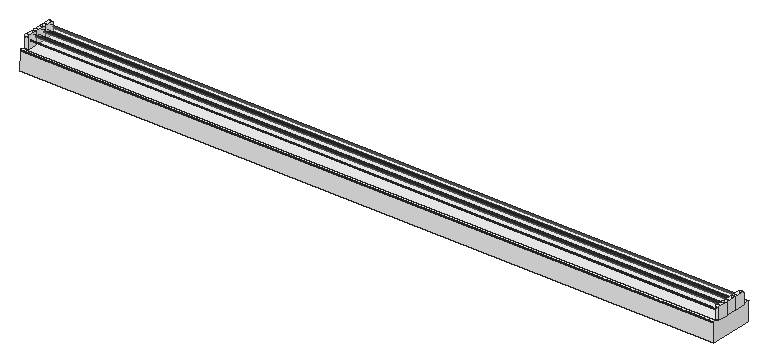
Revit family "CS Bi-Pin 3L", category Lighting Fixtures, host Face, Revit 2014
Parameters (values of type "CS-6'")
  Width = 4.438"
  Wattage = 32 W
  Warranty = "Five year warranty"
  built-in parameter 1150110 = 1 (stored number, unit not read)
  Voltage = 120 V
  Wattage Comments = ""
  URL = "https://www.hubbell.com/columbialighting/en/"
  built-in parameter 1114217 = 1 (stored number, unit not read)
  Tilt Angle = -90.00°
  built-in parameter 1150109 = 1 (stored number, unit not read)
  built-in parameter 1150134 = 12
  built-in parameter 1150113 = 1 (stored number, unit not read)
  Product Page URL = "https://www.hubbell.com/columbialighting/en/Products/Lighting-Controls/Commercial-Indoor-Lighting/Strips/CS/p/19906"
  Product Documentation Link = "https://hubbellcdn.com/specsheet/cs_bi_pin_3l.pdf"
  Photometric Web Link = "https://www.hubbell.com/columbialighting/en/Products/Lighting-Controls/Commercial-Indoor-Lighting/Strips/CS/p/19906#prod-resources-section"
  Photometric Web File = "CS4-232-E-CSRA4-PAF.ies"
  Photometric Note = "For more ies file please find the above link"
  Nominal Watts = 32 W
  No. of Lamps in Cross Section = "One / Two"
  Model = "CS BI-PIN 3L"  # constant formula
  Manufacturer = "Columbia Lighting"  # constant formula
  Row Length = 72.000"
  built-in parameter 1150105 = 285.21 (stored number, unit not read)
  Lumens = 3584 lm
  built-in parameter 1150115 = 1 (stored number, unit not read)
  built-in parameter 1150137 = (empty or 0)
  built-in parameter 1150139 = (empty or 0)
  built-in parameter 1150112 = 1 (stored number, unit not read)
  built-in parameter 1150114 = 1 (stored number, unit not read)
  Lamp = "T8,T5,T5HO"  # constant formula
  built-in parameter 1150132 = (empty or 0)
  built-in parameter 1150102 = (empty or 0)
  built-in parameter 1150107 = 4000 (stored number, unit not read)
  built-in parameter 1150138 = (empty or 0)
  built-in parameter 1150106 = 2.8521 (stored number, unit not read)
  Glass = White Glass
  Features = "Available 2', 3', 4' or 8'\r\n• Heavy die formed steel channel\r\n• Rotary lock lampholders for positive lamp contact\r\n• Channel ends double as joiners\r\n• Individual or row mounting. Surface or suspended\r\n• Ballast covers on 4' and 8' units are secured with 1/4-turn\r\nfasteners"  # constant formula
  Emit from Line Length = 24.000"
  built-in parameter 1150104 = 10.405 (stored number, unit not read)
  Dimming Lamp Color Temperature Shift = <None>
  Description = "CS standard strip is suitable for utility and light industrial or retail applications. Wide variety of hanging options available for mounting flexibility. Optional reflectors, wireguards and continuous row wiring options also available."  # constant formula
  Default Elevation = 48.000"
  Create date = "04/23/2019"  # constant formula
  Copyright = "© 2019 Columbia Lighting, a division of Hubbell Lighting, Inc"  # constant formula
  Contact us = "https://www.hubbell.com/columbialighting/en/contactUs?productId=19906"
  Color Filter = 16777215
  Certification = "All luminaires are built to UL 1598 standards and\r\nbear appropriate UL and CUL or CSA labels. Damp\r\nlocation labeling is standard. Emergency-equipped\r\nfixtures labeled UL 924."  # constant formula
  built-in parameter 1114218 = 1 (stored number, unit not read)
  Ballast = "E Electronic T8, Instant\r\nStart\r\n3E 3-Lamp Electronic\r\nT8, Instant Start\r\n24E (1) 2-Lamp and (1)\r\n4-Lamp Electronic\r\nT8, Instant Start"  # constant formula
  Backbox = White
  built-in parameter 1150133 = 10 (stored number, unit not read)
  Apparent Load = 32 VA
Types (6): name | No. of Lamps in Cross Section | Row Length | Apparent Load
  (no name) | "One / Two" | 72.000" | 32 VA
  CS-2' | "One / Two" | 24.000" | 0 VA
  CS-3' | "Three" | 36.000" | 0 VA
  CS-4' | "One / Two" | 48.000" | 0 VA
  CS-6' | "One / Two" | 72.000" | 32 VA
  CS-8' | "One / Two" | 96.000" | 0 VA
Reference planes (in)
  plane 1 "Center (Front/Back)": y = 0.03999
  plane 2: z = 0
  plane 3 "Center (Left/Right)": x = 1.66944
  plane 4: x = -34.33056
  plane 5: x = 37.66944
  plane 6: y = -2.17901
  plane 7: y = 2.25899
  plane 8: z = 1.813
  plane 9: z = 2.688
  plane 10: x = -33.98056
  plane 11: x = 37.31944
Forms (in)
  Extrusion 1, solid, material "White" <- "Backbox"
    sketch origin (1.66944, 0, 0) x (0, 1, 0) y (0, 0, 1)
      loop
        line (2.25899, 0) -> (2.25899, 1.93322)
        arc (2.25899, 1.93322) -> (2.065, 1.94003) -> (1.88505, 1.86729) r 0.46639
        arc (1.88505, 1.86729) -> (1.84655, 1.8376) -> (1.80463, 1.813) r 0.3858
        line (1.80463, 1.813) -> (-1.72465, 1.813)
        arc (-1.72465, 1.813) -> (-1.76657, 1.8376) -> (-1.80506, 1.86729) r 0.3858
        arc (-1.80506, 1.86729) -> (-1.98502, 1.94003) -> (-2.17901, 1.93322) r 0.46639
        line (-2.17901, 1.93322) -> (-2.17901, 1.813) -> (-2.17901, 0) -> (2.25899, 0)
    from -36 to 36
  Extrusion 2, solid, material "White" <- "Backbox"
    sketch origin (1.66944, 0, 0.375) x (0, 1, 0) y (0, 0, 1)
      loop
        arc (-0.30335, 2.688) -> (-0.41412, 2.64211) -> (-0.46001, 2.53134) r 0.15666
        line (-0.46001, 2.53134) -> (-0.46001, 1.438) -> (0.5487, 1.438) -> (0.5487, 2.54065)
        arc (0.5487, 2.54065) -> (0.50554, 2.64484) -> (0.40134, 2.688) r 0.14735
        line (0.40134, 2.688) -> (-0.30335, 2.688)
    from 35.65 to 36
  Extrusion 3, solid, material "White" <- "Backbox"
    sketch origin (-30.83056, 0, 0.375) x (0, 1, 0) y (0, 0, -1)
      loop
        line (-0.30335, -2.688) -> (0.40134, -2.688)
        arc (0.40134, -2.688) -> (0.50554, -2.64484) -> (0.5487, -2.54065) r 0.14735
        line (0.5487, -2.54065) -> (0.5487, -1.438) -> (-0.46001, -1.438) -> (-0.46001, -2.53134)
        arc (-0.46001, -2.53134) -> (-0.41412, -2.64211) -> (-0.30335, -2.688) r 0.15666
    from 3.15 to 3.5
  Extrusion 4, solid, material "White Glass" <- "Glass"
    sketch origin (1.66944, 0, 0.375) x (0, 1, 0) y (0, 0, 1)
      loop
        circle (0.03999, 2.2505) r 0.3125
    from -35.65 to 35.65
  Extrusion 5, solid, material "White" <- "Backbox"
    sketch origin (1.66944, 1.09375, 0.375) x (0, 1, 0) y (0, 0, 1)
      loop
        arc (-0.30335, 2.688) -> (-0.41412, 2.64211) -> (-0.46001, 2.53134) r 0.15666
        line (-0.46001, 2.53134) -> (-0.46001, 1.438) -> (0.5487, 1.438) -> (0.5487, 2.54065)
        arc (0.5487, 2.54065) -> (0.50554, 2.64484) -> (0.40134, 2.688) r 0.14735
        line (0.40134, 2.688) -> (-0.30335, 2.688)
    from 35.65 to 36
  Extrusion 6, solid, material "White" <- "Backbox"
    sketch origin (-30.83056, 1.09375, 0.375) x (0, 1, 0) y (0, 0, -1)
      loop
        line (-0.30335, -2.688) -> (0.40134, -2.688)
        arc (0.40134, -2.688) -> (0.50554, -2.64484) -> (0.5487, -2.54065) r 0.14735
        line (0.5487, -2.54065) -> (0.5487, -1.438) -> (-0.46001, -1.438) -> (-0.46001, -2.53134)
        arc (-0.46001, -2.53134) -> (-0.41412, -2.64211) -> (-0.30335, -2.688) r 0.15666
    from 3.15 to 3.5
  Extrusion 7, solid, material "White Glass" <- "Glass"
    sketch origin (1.66944, 1.09375, 0.375) x (0, 1, 0) y (0, 0, 1)
      loop
        circle (0.03999, 2.2505) r 0.3125
    from -35.65 to 35.65
  Extrusion 8, solid, material "White" <- "Backbox"
    sketch origin (1.66944, -1.01377, 0.375) x (0, -1, 0) y (0, 0, -1)
      loop
        line (-0.30335, -2.688) -> (0.40134, -2.688)
        arc (0.40134, -2.688) -> (0.50554, -2.64484) -> (0.5487, -2.54065) r 0.14735
        line (0.5487, -2.54065) -> (0.5487, -1.438) -> (-0.46001, -1.438) -> (-0.46001, -2.53134)
        arc (-0.46001, -2.53134) -> (-0.41412, -2.64211) -> (-0.30335, -2.688) r 0.15666
    from 35.65 to 36
  Extrusion 9, solid, material "White" <- "Backbox"
    sketch origin (-30.83056, -1.01377, 0.375) x (0, -1, 0) y (0, 0, 1)
      loop
        arc (-0.30335, 2.688) -> (-0.41412, 2.64211) -> (-0.46001, 2.53134) r 0.15666
        line (-0.46001, 2.53134) -> (-0.46001, 1.438) -> (0.5487, 1.438) -> (0.5487, 2.54065)
        arc (0.5487, 2.54065) -> (0.50554, 2.64484) -> (0.40134, 2.688) r 0.14735
        line (0.40134, 2.688) -> (-0.30335, 2.688)
    from 3.15 to 3.5
  Extrusion 10, solid, material "White Glass" <- "Glass"
    sketch origin (1.66944, -1.01377, 0.375) x (0, -1, 0) y (0, 0, -1)
      loop
        circle (0.03999, -2.2505) r 0.3125
    from -35.65 to 35.65
Dimensions and locks (in)
  "Row Length": plane 4 to plane 5
  equal spacing: plane 4, plane 3 "Center (Left/Right)", plane 5
  equal spacing: plane 6, plane 1 "Center (Front/Back)", plane 7
  "Width": plane 6 to plane 7
  locked: plane 4 to plane 10 at 0.35
  locked: plane 11 to plane 5 at 0.35
  aligned and locked: plane 2 to host face
  aligned and locked: level to host face
  aligned and locked: imposter light to plane 1 "Center (Front/Back)"
  aligned and locked: plane 3 "Center (Left/Right)" to imposter light
  aligned and locked: Extrusion 1 to plane 4
  aligned and locked: plane 5 to Extrusion 1
  aligned and locked: plane 5 to Extrusion 2
  aligned and locked: Extrusion 2 to plane 11
  aligned and locked: plane 1 "Center (Front/Back)" to Extrusion 4 sketch curve
  aligned and locked: plane 11 to Extrusion 4
  aligned and locked: Extrusion 4 to plane 10
  aligned and locked: Extrusion 3 to plane 4
  aligned and locked: plane 10 to Extrusion 3
  aligned and locked: plane 9 to imposter light
  aligned and locked: plane 5 to Extrusion 8
  aligned and locked: plane 5 to Extrusion 5
  aligned and locked: Extrusion 5 to plane 11
  aligned and locked: plane 11 to Extrusion 7
  aligned and locked: Extrusion 8 to plane 11
  aligned and locked: plane 11 to Extrusion 10
  aligned and locked: Extrusion 9 to plane 4
  aligned and locked: Extrusion 6 to plane 4
  aligned and locked: plane 10 to Extrusion 6
  aligned and locked: plane 10 to Extrusion 9
  aligned and locked: Extrusion 10 to plane 10
  aligned and locked: Extrusion 7 to plane 10
Automatic sketch dimensions
  host sketch curve to host sketch curve = 96.000"  (x2)
  Extrusion 1 sketch curve to level = 0.000"
  Extrusion 1 sketch curve to plane 6 = 0.000"
  Extrusion 1 sketch curve to plane 8 = 0.000"  (x2)
  Extrusion 1 sketch curve to plane 7 = 0.000"
  Extrusion 1 sketch curve to plane 6 = 0.113"
  Extrusion 1 sketch curve to plane 6 = 0.45436"
  Extrusion 1 sketch curve to Extrusion 1 sketch curve = 0.17394"  (x2)
  plane 7 to Extrusion 1 sketch curve = 0.6283"
  plane 7 to Extrusion 1 sketch curve = 0.113"
  Extrusion 1 sketch curve to plane 8 = 0.33227"  (x2)
  Extrusion 1 sketch curve to Extrusion 1 sketch curve = 0.45249"
  Extrusion 1 sketch curve to Extrusion 1 sketch curve = 0.12022"
  plane 8 to Extrusion 1 sketch curve = 0.34437"  (x2)
  Extrusion 2 sketch curve to plane 8 = 0.000"
  plane 1 "Center (Front/Back)" to Extrusion 2 sketch curve = 0.500"
  Extrusion 2 sketch curve to Extrusion 2 sketch curve = 0.15666"
  plane 9 to Extrusion 2 sketch curve = 0.22765"
  Extrusion 2 sketch curve to plane 1 "Center (Front/Back)" = 0.36135"
  Extrusion 2 sketch curve to plane 1 "Center (Front/Back)" = 0.50871"
  Extrusion 3 sketch curve to plane 8 = 0.000"
  plane 1 "Center (Front/Back)" to Extrusion 3 sketch curve = 0.500"
  Extrusion 3 sketch curve to Extrusion 3 sketch curve = 0.15666"
  plane 9 to Extrusion 3 sketch curve = 0.22765"
  Extrusion 3 sketch curve to plane 1 "Center (Front/Back)" = 0.36135"
  Extrusion 3 sketch curve to plane 1 "Center (Front/Back)" = 0.50871"
  Extrusion 4 sketch curve to plane 9 = 0.0625"
  Extrusion 5 sketch curve to plane 8 = 0.000"
  Extrusion 5 sketch curve to plane 1 "Center (Front/Back)" = 0.59375"
  Extrusion 5 sketch curve to Extrusion 5 sketch curve = 0.15666"
  plane 9 to Extrusion 5 sketch curve = 0.22765"
  Extrusion 5 sketch curve to Extrusion 5 sketch curve = 0.70469"
  plane 7 to Extrusion 5 sketch curve = 0.61654"
  Extrusion 6 sketch curve to plane 8 = 0.000"
  Extrusion 6 sketch curve to plane 1 "Center (Front/Back)" = 0.59375"
  Extrusion 6 sketch curve to Extrusion 6 sketch curve = 0.15666"
  plane 9 to Extrusion 6 sketch curve = 0.22765"
  Extrusion 6 sketch curve to Extrusion 6 sketch curve = 0.70469"
  plane 7 to Extrusion 6 sketch curve = 0.61654"
  Extrusion 7 sketch curve to plane 9 = 0.0625"
  Extrusion 7 sketch curve to plane 1 "Center (Front/Back)" = 1.09375"
  Extrusion 8 sketch curve to plane 8 = 0.000"
  Extrusion 8 sketch curve to plane 1 "Center (Front/Back)" = 0.59375"
  Extrusion 8 sketch curve to Extrusion 8 sketch curve = 0.15666"
  Extrusion 8 sketch curve to plane 9 = 0.22765"
  Extrusion 8 sketch curve to Extrusion 8 sketch curve = 0.70469"
  plane 6 to Extrusion 8 sketch curve = 0.61654"
  Extrusion 9 sketch curve to plane 8 = 0.000"
  plane 1 "Center (Front/Back)" to Extrusion 9 sketch curve = 0.59375"
  Extrusion 9 sketch curve to Extrusion 9 sketch curve = 0.15666"
  plane 9 to Extrusion 9 sketch curve = 0.22765"
  Extrusion 9 sketch curve to Extrusion 9 sketch curve = 0.70469"
  Extrusion 9 sketch curve to plane 6 = 0.61654"
  plane 9 to Extrusion 10 sketch curve = 0.0625"
  Extrusion 10 sketch curve to plane 1 "Center (Front/Back)" = 1.09375"
  radius of Extrusion 4 sketch curve = 0.3125"
  radius of Extrusion 7 sketch curve = 0.3125"
  radius of Extrusion 10 sketch curve = 0.3125"
Connectors (in)
  electrical at (1.66944, 0.03999, 0), driven by "Apparent Load"
    settings: on Extrusion 1, index 1, voltage 120 V, apparent load 32 VA, apparent load phase1 0 VA, apparent load phase2 0 VA, apparent load phase3 0 VA, power factor 1, load classification "Other", number of poles 1, system type 30, power factor state 1, is connector primary yes, connector utility no, sub classification motor no, connector description "Lighting Connector"
